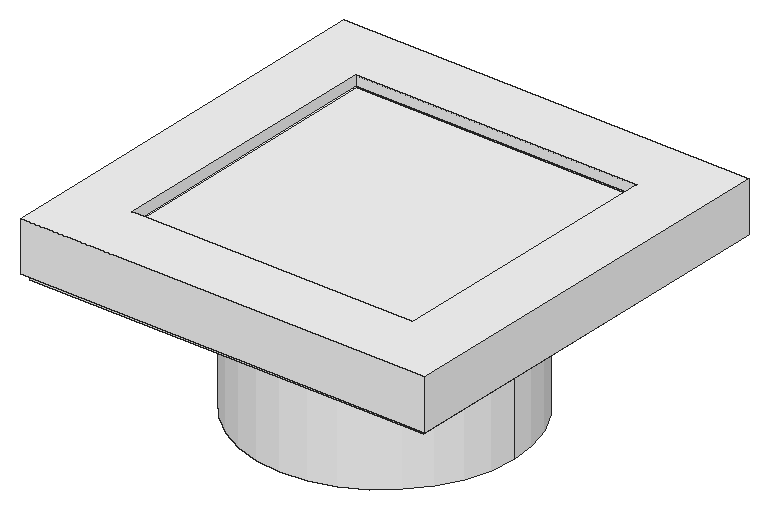
Revit family "Gira_2832005", category Electrical Fixtures, host Face, Revit 2017
Family settings
  Host = Face
  Maintain Annotation Orientation = Yes
  Round Connector Dimension = Use Diameter
  Part Type = Normal
  Cut with Voids When Loaded = No
  Shared = No
  Room Calculation Point = No
Parameters (values of type "Rocker sw. BS 3-g off/2-way System 55 black m")
  White [instance] = White
  URL = "http://katalog.gira.de/en/datenblatt.html?artikelnr=2832005"
  Name = "Rocker sw. BS 3-g off/2-way System 55 black m"
  Model = "Sys55_Komplettgerät_Schalten und Tasten"
  Manufacturer URL = "https://www.gira.de/"
  Manufacturer = "Gira"
  Label space/information surface = "No"
  HeinzeBIM = "https://bimportal.heinze.de/bim/rocker-sw-bs-3-g-off-2-way-system-55-black-m/54f8a6d33ca1914937fa64749f07fc7af20bedb8"
  HAN = "2832005"
  GTIN = "4010337038528"
  Description = "Rock.sw.3g 2-w Sys55 BKm,British Standard rocker switch (BS EN 60669-1) 3-gang with rockers,System 55, Support ring 71 x 71 mm, universal off 2-way switch,black matt,Features:,- With screw terminals.,,Notes :,- For screw mounting only."
  Default Elevation = 1219.2 mm
  Data sheet (1) = "https://katalog.gira.de/en/download.html?artikelnr=2832005"
  Category = "Switch"
  BIM (1) = "https://media.stage.bim.site/public/gira/36a6b08/Sys55_Komplettgerät_Schalten und Tasten.rfa?public/gira/36a6b08/Sys55_Komplettgerät_Schalten und Tasten.rfa"
  Available = "No"
Reference planes
  plane 1 "Center (Front/Back)": y = 0
  plane 2: z = 0
  plane 3 "Center (Left/Right)": x = 0
Forms (mm)
  Extrusion 1, solid, material "White" <- "White", detail levels medium
    sketch origin (0, 0, 0) x (1, 0, 0) y (0, 1, 0)
      loop
        line (-40.4, 40.4) -> (-40.4, -40.4) -> (40.4, -40.4) -> (40.4, 40.4) -> (-40.4, 40.4)
      loop
        line (-28, 28) -> (-28, -28) -> (28, -28) -> (28, 28) -> (-28, 28)
    from 0 to 10
  Extrusion 2, solid, material "White" <- "White", detail levels fine
    sketch origin (0, 0, 0) x (1, 0, 0) y (0, 1, 0)
      loop
        line (-40.4, 40.4) -> (-40.4, -40.4) -> (40.4, -40.4) -> (40.4, 40.4) -> (-40.4, 40.4)
      loop
        line (-28, 28) -> (-28, -28) -> (28, -28) -> (28, 28) -> (-28, 28)
    from 0 to 10
  Extrusion 3, void
    sketch origin (0, 0, 0) x (1, 0, 0) y (0, 1, 0)
      loop
        line (-38.4, 38.4) -> (-38.4, -38.4) -> (38.4, -38.4) -> (38.4, 38.4) -> (-38.4, 38.4)
    from 0 to 8
  Extrusion 4, solid, material "White" <- "White", detail levels medium+fine
    sketch origin (0, 0, 0) x (1, 0, 0) y (0, 1, 0)
      loop
        line (-39.4, 39.4) -> (-39.4, -39.4) -> (39.4, -39.4) -> (39.4, 39.4) -> (-39.4, 39.4)
    from 0 to -1
  Extrusion 5, solid, material "White" <- "White", detail levels medium+fine
    sketch origin (0, 0, 0) x (1, 0, 0) y (0, 1, 0)
      loop
        line (-35.5, 35.5) -> (-35.5, -35.5) -> (35.5, -35.5) -> (35.5, 35.5) -> (-35.5, 35.5)
    from -2 to -3
  Extrusion 6, solid, material "White" <- "White", detail levels medium+fine
    sketch origin (0, 0, 0) x (1, 0, 0) y (0, 1, 0)
      loop
        circle (0, 0) r 26
    from 0 to -27.5
  Extrusion 7, solid, material "White" <- "White", detail levels coarse
    sketch origin (0, 0, 0) x (1, 0, 0) y (0, 1, 0)
      loop
        line (-40.4, 40.4) -> (-40.4, -40.4) -> (40.4, -40.4) -> (40.4, 40.4) -> (-40.4, 40.4)
    from -27.5 to 10
Cuts and joins
  Extrusion 3 cuts Extrusion 2
Dimensions and locks
  aligned and locked: plane 2 to host face
  aligned and locked: level to host face
  aligned and locked: plane 3 "Center (Left/Right)" to nested 2
  aligned and locked: plane 1 "Center (Front/Back)" to nested 2
Nested families
  nested 1: "Sys55_Abdeckung_Schalten und Tasten_floor_base" at (0, 0, 0), type "Sys55_Abdeckung_Schalten und Tasten_floor_base"
  nested 2: "Schalter" at (0, 0, 0), type "Schalter"
Connectors
  electrical at (0, 0, -27.5)
    settings: on Extrusion 6, index 1, voltage 220 V, apparent load 0 VA, apparent load phase1 0 VA, apparent load phase2 0 VA, apparent load phase3 0 VA, power factor 1, load classification "Other", number of poles 1, system type 30, power factor state 1, is connector primary yes, connector utility no, sub classification motor no, connector description ""
Definition of nested family "Sys55_Abdeckung_Schalten und Tasten_floor_base"
  Parameters
    Default Elevation = 1219.2 mm
    White [instance] = none
  Reference planes
    plane 1 "Center (Front/Back)": y = 0
    plane 2: z = 0
    plane 3 "Center (Left/Right)": x = 0
  Forms (mm)
    Extrusion 1, solid
      sketch origin (0, 0, 0) x (1, 0, 0) y (0, 1, 0)
        loop
          line (-1219.2, 1219.2) -> (-1219.2, -1219.2) -> (1219.2, -1219.2) -> (1219.2, 1219.2) -> (-1219.2, 1219.2)
      from 0 to -304.8
    Extrusion 2, solid, material <- "White", detail levels fine
      sketch origin (0, 0, 0) x (1, 0, 0) y (0, 1, 0)
        loop
          line (-27.5, 27.5) -> (-27.5, -27.5) -> (27.5, -27.5) -> (27.5, 27.5) -> (-27.5, 27.5)
      from 0 to 8
    Extrusion 3, void
      sketch origin (0, 0, 0) x (1, 0, 0) y (0, 1, 0)
        loop
          line (26, 26) -> (-26, 26) -> (-26, -26) -> (26, -26) -> (26, 26)
      from 0 to 6
    Extrusion 4, solid, material <- "White", detail levels medium
      sketch origin (0, 0, 0) x (1, 0, 0) y (0, 1, 0)
        loop
          line (-27.5, 27.5) -> (-27.5, -27.5) -> (27.5, -27.5) -> (27.5, 27.5) -> (-27.5, 27.5)
      from 0 to 8
    Extrusion 5, solid, material <- "White", detail levels medium
      sketch origin (0, 0, 0) x (1, 0, 0) y (0, 1, 0)
        loop
          line (11, -17.5) -> (11, 17.5) -> (-11, 17.5) -> (-11, -17.5) -> (11, -17.5)
      from -6 to 6
    Extrusion 6, solid, material <- "White", detail levels fine
      sketch origin (0, 0, 0) x (1, 0, 0) y (0, 1, 0)
        loop
          line (11, 17.5) -> (-11, 17.5) -> (-11, 16.5) -> (11, 16.5) -> (11, 17.5)
        loop
          line (-11, -16.5) -> (-11, -17.5) -> (11, -17.5) -> (11, -16.5) -> (-11, -16.5)
      from -4 to 6
    Extrusion 7, solid, material <- "White", detail levels fine
      sketch origin (0, 0, 0) x (1, 0, 0) y (0, 1, 0)
        loop
          arc (5, 9.347) -> (0, 10.6) -> (-5, 9.347) r 10.6
          line (-5, 9.347) -> (-5, -9.347)
          arc (-5, -9.347) -> (0, -10.6) -> (5, -9.347) r 10.6
          line (5, -9.347) -> (5, 9.347)
      from -6 to 6
    Extrusion 8, solid, material <- "White", detail levels coarse
      sketch origin (0, 0, 0) x (1, 0, 0) y (0, 1, 0)
        loop
          line (-27.5, 27.5) -> (-27.5, -27.5) -> (27.5, -27.5) -> (27.5, 27.5) -> (-27.5, 27.5)
      from -6 to 8
  Cuts and joins
    Extrusion 3 cuts Extrusion 2
  Dimensions and locks
    aligned and locked: plane 2 to Extrusion 1
    aligned and locked: level to Extrusion 1
Definition of nested family "Schalter"
  Reference planes
    plane 1: y = 0
    plane 2: x = 0
  Lines and regions (mm)
    detail lines
      curve 1: circle (1.375, 2.778, 0) r 0.8 normal (0, 0, 1)
      curve 2: line (1.021, 2.061, 0) -> (0, 0, 0)
      curve 3: line (0, 0, 0) -> (-0.538, 0.266, 0)
  Dimensions and locks
    curve 2 to curve 2 = 2.3 mm
    curve 3 to curve 2 = 0.6 mm
    radius of curve 1 = 0.8 mm
